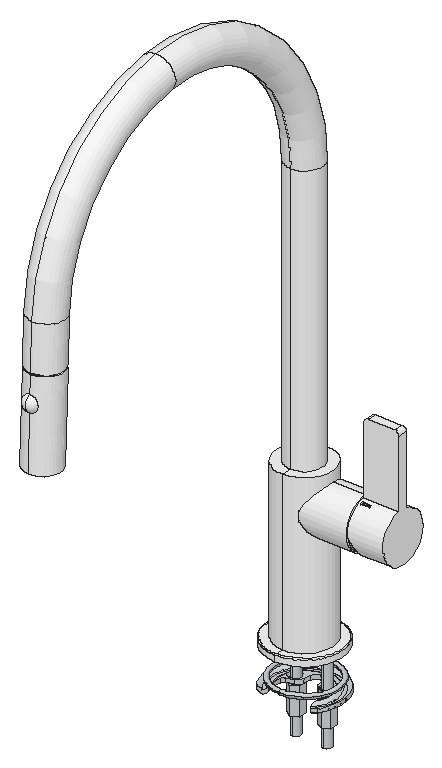
Revit family "Reece_Tap_Nobili_Flag_Sink Mixer_Gooseneck_Pull Out", category Plumbing Fixtures, host Face, Revit 2018
Family settings
  Host = Face
  Round Connector Dimension = Use Diameter
  Part Type = Normal
  Cut with Voids When Loaded = No
  Shared = Yes
  Room Calculation Point = Yes
Parameters
  WFU = 0  # constant formula
  URL = "https://www.reece.com.au/product/-2266856"
  Type Comments = "Tap"
  Reece_Tap_Reach = 224 mm  # constant formula
  Reece_Tap_Inlet = 12 mm  # constant formula
  Reece_Tap_Clearance = 207 mm  # constant formula
  Reece_Product_Web Page = "https://www.reece.com.au/product/-2266856"
  Reece_Product_Type = "Tap"  # constant formula
  Reece_Product_Sub Brand = "Flag"  # constant formula
  Reece_Product_Number = "2266856"
  Reece_Product_Mount = "Hob Mounted"  # constant formula
  Reece_Product_Description = "Nobili Flag Gooseneck Pull Out Sink Mixer Tap Chrome (4 Star) Lead Free"
  Reece_Product_Brand = "Nobili"  # constant formula
  Reece_Overall_Height = 418 mm  # constant formula
  Reece_Material_Tap_Hot = Render_Hot_Water_Cap
  Reece_Material_Tap_Cold = Render_Cold_Water_Cap
  Reece_Material_Main = Reece_Brass_Chrome
  Reece_Material_Colour = Reece_Plastic_Grey
  Reece_Detail_Shape = "Gooseneck"  # constant formula
  Reece_Detail_Installation = ""
  Reece_Detail_Disclaimer = "THIS FILE IS THE PROPERTY OF THE REECE GROUP. IT MAY NOT BE REPRODUCED, REVERSE-ENGINEERED, OR MODIFIED. ANY REPUBLICATION, TRANSMISSION, OR DISTRIBUTION FOR THE PURPOSE OF COMMERCIALLY EXPLOITING THE FILES IS PROHIBITED."  # constant formula
  Reece_Detail_Connector = ""
  Reece_Detail_Additional = "Sink Mixer"  # constant formula
  Model = "Flag"
  Manufacturer = "Nobili"
  Keynote = "Product #2266856, Reece_Tap_Nobili_Flag_Sink Mixer_Gooseneck_Pull Out -  "
  HWFU = 0  # constant formula
  Disclaimer = "THIS FILE IS THE PROPERTY OF THE REECE GROUP. IT MAY NOT BE REPRODUCED, REVERSE-ENGINEERED, OR MODIFIED. ANY REPUBLICATION, TRANSMISSION, OR DISTRIBUTION FOR THE PURPOSE OF COMMERCIALLY EXPLOITING THE FILES IS PROHIBITED."  # constant formula
  Description = "Nobili Flag Gooseneck Pull Out Sink Mixer Tap Chrome (4 Star) Lead Free"
  Default Elevation = 1000 mm
  CWFU = 0  # constant formula
Types (7, lengths in mm): name | URL | Reece_Product_Web Page | Reece_Product_Number | Reece_Product_Description | Reece_Material_Main | Keynote | Description
  (no name) | "https://www.reece.com.au/product/-2266856" | "https://www.reece.com.au/product/-2266856" | "2266856" | "Nobili Flag Gooseneck Pull Out Sink Mixer Tap Chrome (4 Star) Lead Free" | Reece_Brass_Chrome | "Product #2266856, Reece_Tap_Nobili_Flag_Sink Mixer_Gooseneck_Pull Out -  " | "Nobili Flag Gooseneck Pull Out Sink Mixer Tap Chrome (4 Star) Lead Free"
  224 mm_Chrome | "https://www.reece.com.au/product/-2266856" | "https://www.reece.com.au/product/-2266856" | "2266856" | "Nobili Flag Gooseneck Pull Out Sink Mixer Tap Chrome (4 Star) Lead Free" | Reece_Brass_Chrome | "Product #2266856, Reece_Tap_Nobili_Flag_Sink Mixer_Gooseneck_Pull Out - 224 mm_Chrome" | "Nobili Flag Gooseneck Pull Out Sink Mixer Tap Chrome (4 Star) Lead Free"
  224 mm_Matte Black | "https://www.reece.com.au/product/-2266857" | "https://www.reece.com.au/product/-2266857" | "2266857" | "Nobili Flag Gooseneck Pull Out Sink Mixer Tap Matte Black (4 Star) Lead Free" | Reece_Brass_Matte Black | "Product #2266857, Reece_Tap_Nobili_Flag_Sink Mixer_Gooseneck_Pull Out - 224 mm_Matte Black" | "Nobili Flag Gooseneck Pull Out Sink Mixer Tap Matte Black (4 Star) Lead Free"
  224 mm_Stainless Steel 316 | "https://www.reece.com.au/product/-2266858" | "https://www.reece.com.au/product/-2266858" | "2266858" | "Nobili Flag Gooseneck Pull Out Sink Mixer Tap Inox Stainless Steel (4 Star) Lead Free" | Reece_Brass_Brushed_Stainless Steel 316 | "Product #2266858, Reece_Tap_Nobili_Flag_Sink Mixer_Gooseneck_Pull Out - 224 mm_Stainless Steel 316" | "Nobili Flag Gooseneck Pull Out Sink Mixer Tap Inox Stainless Steel (4 Star) Lead Free"
  224 mm_Brushed Gunmetal | "https://www.reece.com.au/product/-2266859" | "https://www.reece.com.au/product/-2266859" | "2266859" | "Nobili Flag Gooseneck Pull Out Sink Mixer Tap Brushed Gunmetal (4 Star) Lead Free" | Reece_Brass_Brushed Gunmetal | "Product #2266859, Reece_Tap_Nobili_Flag_Sink Mixer_Gooseneck_Pull Out - 224 mm_Brushed Gunmetal" | "Nobili Flag Gooseneck Pull Out Sink Mixer Tap Brushed Gunmetal (4 Star) Lead Free"
  224 mm_Brushed Brass | "https://www.reece.com.au/product/-2266860" | "https://www.reece.com.au/product/-2266860" | "2266860" | "Nobili Flag Gooseneck Pull Out Sink Mixer Tap Brushed Brass (4 Star) Lead Free" | Reece_Brass_Brushed | "Product #2266860, Reece_Tap_Nobili_Flag_Sink Mixer_Gooseneck_Pull Out - 224 mm_Brushed Brass" | "Nobili Flag Gooseneck Pull Out Sink Mixer Tap Brushed Brass (4 Star) Lead Free"
  224 mm_Matte White | "https://www.reece.com.au/product/-2266861" | "https://www.reece.com.au/product/-2266861" | "2266861" | "Nobili Flag Gooseneck Pull Out Sink Mixer Tap Matte White (4 Star) Lead Free" | Reece_Metal_Stainless Steel_Matte White | "Product #2266861, Reece_Tap_Nobili_Flag_Sink Mixer_Gooseneck_Pull Out - 224 mm_Matte White" | "Nobili Flag Gooseneck Pull Out Sink Mixer Tap Matte White (4 Star) Lead Free"
Reference planes
  plane 1 "Center (Front/Back)": y = 0
  plane 2 "Bottom": z = 0
  plane 3 "Center (Left/Right)": x = 0
  plane 4: z = 88.5
  plane 5: y = -224
  plane 6: z = 207
  plane 7: through (0, -165.232, 204.948) normal (0, 0.0349, 0.9994)
  plane 8: z = 418
  plane 9: z = 250
Forms (mm)
  Revolve 1, solid, material "Reece_Brass_Chrome" <- "Reece_Material_Main"
    sketch origin (0, 0, 0) x (0, 1, 0) y (0, 0, 1)
      loop
        line (25.25, 0) -> (25.25, 4)
        arc (25.25, 4) -> (25.104, 4.354) -> (24.75, 4.5) r 0.5
        line (24.75, 4.5) -> (19, 4.5) -> (19, 112) -> (0, 112) -> (0, 0) -> (25.25, 0)
      axis (0, 112) -> (0, 0)
    angle from 0 to 360
  Revolve 2, solid, material "Reece_Brass_Chrome" <- "Reece_Material_Main"
    sketch origin (0, 0, 0) x (1, 0, 0) y (0, 0, 1)
      loop
        line (50.5, 88.5) -> (50.5, 99.658)
        arc (50.5, 99.658) -> (46.656, 102.791) -> (42, 104.5) r 15
        line (42, 104.5) -> (42, 105.376) -> (0, 105.376) -> (0, 88.5) -> (50.5, 88.5)
      axis (50.5, 88.5) -> (0, 88.5)
    angle from 0 to 360
  Extrusion 3, solid, material "Reece_Brass_Chrome" <- "Reece_Material_Main"
    sketch origin (42, 0, 0) x (0, 0, -1) y (0, -1, 0)
      loop
        line (-105.233, 3) -> (-154.5, 3) -> (-154.5, -3) -> (-105.233, -3)
        arc (-105.233, -3) -> (-71.5, 0) -> (-105.233, 3) r 17
    from -25 to -1
  Extrusion 4, void
    sketch origin (0, 0, 0) x (1, 0, 0) y (0, 0, 1)
      loop
        arc (43, 151.5) -> (43.879, 153.621) -> (46, 154.5) r 3
        line (46, 154.5) -> (64, 154.5)
        arc (64, 154.5) -> (66.121, 153.621) -> (67, 151.5) r 3
        line (67, 151.5) -> (67, 166.108) -> (43, 166.108) -> (43, 151.5)
    from -5 to 5
  Revolve 5, void
    sketch origin (0, 0, 0) x (1, 0, 0) y (0, 0, 1)
      loop
        line (58.3, 71.675) -> (58.3, 70.875) -> (61.8, 70.875) -> (61.8, 72.717) -> (61, 72.717) -> (61.441, 71.905)
        arc (61.441, 71.905) -> (59.875, 71.733) -> (58.3, 71.675) r 21.568
      axis (58.3, 72.717) -> (58.3, 70.875)
    angle from 0 to 360
  Extrusion 6, void
    sketch origin (0, 0, 0) x (1, 0, 0) y (0, 0, 1)
      loop
        line (42, 90.856) -> (42, 63.827) -> (53.473, 63.827) -> (42, 90.856)
    from -30 to 30
  Revolve 7, solid
    sketch origin (0, 0, -7) x (0, 1, 0) y (0, 0, 1)
      loop
        circle (22.2, -14) r 1.3
      axis (1, -14) -> (1, -13)
    angle from 0 to 360
  Extrusion 8, solid
    sketch origin (0, 2, 0) x (0, 1, 0) y (1, 0, 0)
      loop
        circle (4, 10.75) r 3
      loop
        circle (4, -10.75) r 3
    from 0 to 61.5
  Revolve 9, solid
    sketch origin (0, 0, -7) x (0, 1, 0) y (0, 0, 1)
      loop
        arc (18.75, -21.5) -> (21.75, -23) -> (24.75, -21.5) r 3.75
        line (24.75, -21.5) -> (25.75, -21.5) -> (25.75, -19)
        arc (25.75, -19) -> (24.212, -19.499) -> (22.941, -20.498) r 4.61
        arc (22.941, -20.498) -> (21.841, -21) -> (20.728, -20.527) r 1.5
        arc (20.728, -20.527) -> (19.122, -19.398) -> (17.2, -19) r 4.84
        line (17.2, -19) -> (17.2, -21.5) -> (18.75, -21.5)
      axis (0, -19) -> (0, -21.5)
    angle from 0 to 360
  Extrusion 10, solid
    sketch origin (0, 0, -30) x (1, 0, 0) y (0, 1, 0)
      loop
        arc (-9.053, 2.711) -> (-6.961, 7.197) -> (-11.447, 9.289) r 3.5
        line (-11.447, 9.289) -> (-13.326, 8.605)
        arc (-13.326, 8.605) -> (-15.418, 4.119) -> (-10.932, 2.027) r 3.5
        line (-10.932, 2.027) -> (-9.053, 2.711)
      loop
        arc (-5.01, 5.791) -> (-6.06, 3.288) -> (-8.263, 1.702) r 5
        line (-8.263, 1.702) -> (-13.684, -0.271)
        arc (-13.684, -0.271) -> (-14.638, -1.003) -> (-15, -2.15) r 2
        line (-15, -2.15) -> (-15, -8.417)
        arc (-15, -8.417) -> (0, 17.2) -> (15, -8.417) r 17.2
        line (15, -8.417) -> (15, -2.15)
        arc (15, -2.15) -> (14.638, -1.003) -> (13.684, -0.271) r 2
        line (13.684, -0.271) -> (8.263, 1.702)
        arc (8.263, 1.702) -> (6.06, 3.288) -> (5.01, 5.791) r 5
        line (5.01, 5.791) -> (4.466, 10.221)
        arc (4.466, 10.221) -> (0, 14.173) -> (-4.466, 10.221) r 4.5
        line (-4.466, 10.221) -> (-5.01, 5.791)
      loop
        arc (11.447, 9.289) -> (6.961, 7.197) -> (9.053, 2.711) r 3.5
        line (9.053, 2.711) -> (10.932, 2.027)
        arc (10.932, 2.027) -> (15.418, 4.119) -> (13.326, 8.605) r 3.5
        line (13.326, 8.605) -> (11.447, 9.289)
    from 1.5 to 4
  Extrusion 11, void
    sketch origin (0, 0, -30) x (1, 0, 0) y (0, 1, 0)
      loop
        line (27.556, -34.599) -> (27.556, -14.961) -> (20.958, -14.961)
        arc (20.958, -14.961) -> (17.049, -15.272) -> (15, -11.93) r 3.75
        line (15, -11.93) -> (15, -8.417) -> (-15, -8.417) -> (-15, -11.93)
        arc (-15, -11.93) -> (-17.049, -15.272) -> (-20.958, -14.961) r 3.75
        line (-20.958, -14.961) -> (-27.556, -14.961) -> (-27.556, -34.599) -> (27.556, -34.599)
    from 0 to 5
  Extrusion 12, solid
    sketch origin (0, 0, -7) x (1, 0, 0) y (0, 1, 0)
      loop
        circle (10.75, 6) r 3
      loop
        line (10.75, 11.196) -> (6.25, 8.598) -> (6.25, 3.402) -> (10.75, 0.804) -> (15.25, 3.402) -> (15.25, 8.598) -> (10.75, 11.196)
      loop
        circle (-10.75, 6) r 3
      loop
        line (-10.75, 11.196) -> (-15.25, 8.598) -> (-15.25, 3.402) -> (-10.75, 0.804) -> (-6.25, 3.402) -> (-6.25, 8.598) -> (-10.75, 11.196)
    from -41.5 to -23
  Extrusion 13, void
    sketch origin (0, 0, 0) x (1, 0, 0) y (0, 1, 0)
      loop
        line (44.193, -5.719) -> (44.193, -6.969) -> (50, -6.969) -> (50, -5.719) -> (44.193, -5.719)
      loop
        line (44.193, 5.719) -> (50, 5.719) -> (50, 6.969) -> (44.193, 6.969) -> (44.193, 5.719)
    from 103.636 to 107.061
  Extrusion 14, solid, material "Render_Cold_Water_Cap" <- "Reece_Material_Tap_Cold"
    sketch origin (0, 0, 103.636) x (1, 0, 0) y (0, 1, 0)
      loop
        line (44.193, -6.969) -> (50, -6.969) -> (50, -5.719) -> (44.193, -5.719) -> (44.193, -6.969)
    from 0 to 1.299
  Extrusion 15, solid, material "Render_Hot_Water_Cap" <- "Reece_Material_Tap_Hot"
    sketch origin (0, 0, 103.636) x (1, 0, 0) y (0, 1, 0)
      loop
        line (44.193, 6.969) -> (44.193, 5.719) -> (50, 5.719) -> (50, 6.969) -> (44.193, 6.969)
    from 0 to 1.299
  Extrusion 16, void
    sketch origin (42, 0, 88.5) x (0, 1, 0) y (0, 0, 1)
      loop
        arc (-8.284, 14.845) -> (-6.518, 15.701) -> (-4.666, 16.347) r 17
        line (-4.666, 16.347) -> (-4.666, 21.416) -> (-11.173, 21.416) -> (-11.173, 14.845) -> (-8.284, 14.845)
      loop
        line (11.173, 21.416) -> (4.666, 21.416) -> (4.666, 16.347)
        arc (4.666, 16.347) -> (6.518, 15.701) -> (8.284, 14.845) r 17
        line (8.284, 14.845) -> (11.173, 14.845) -> (11.173, 21.416)
    from 0 to 25
  Revolve 17, void
    sketch origin (0, 0, 0) x (0, 1, 0) y (0, 0, 1)
      loop
        line (0, 0) -> (0, -65) -> (15, -65) -> (15, 0) -> (0, 0)
      axis (0, 0) -> (0, -65)
    angle from 0 to 360
  Extrusion 18, void
    sketch origin (0, 2, 0) x (0, 1, 0) y (-1, 0, 0)
      loop
        circle (4, 10.75) r 5
      loop
        circle (4, -10.75) r 5
    from 0 to 4.5
  Sweep 19, solid, material "Reece_Brass_Chrome" <- "Reece_Material_Main"
    path origin (0, 0, 0) x (0, 1, 0) y (0, 0, 1)
      loop
        line (-221.874, 267.872) -> (-220.791, 298.884)
        arc (-220.791, 298.884) -> (-192.418, 369.206) -> (-125.514, 404.9) r 111
        arc (-125.514, 404.9) -> (-37.912, 379.086) -> (0, 296) r 110
        line (0, 296) -> (0, 112)
    profile origin (0, -221.333, 283.378) x (0, -0.999391, 0.034899) y (1, 0, 0)
      loop
        circle (0, 0) r 12
  Revolve 20, solid, material "Reece_Brass_Chrome" <- "Reece_Material_Main"
    sketch origin (0, 0, 0) x (0, 1, 0) y (0, 0, 1)
      loop
        line (-224, 207) -> (-221.874, 267.872) -> (-232.692, 268.25) -> (-232.727, 267.251) -> (-233.902, 267.292) -> (-235.993, 207.419) -> (-224, 207)
      axis (-224, 207) -> (-221.874, 267.872)
    angle from 0 to 360
  Revolve 21, void
    sketch origin (0, 0, 0) x (0, 1, 0) y (0, 0, 1)
      loop
        line (-212.007, 206.581) -> (-213.007, 206.616) -> (-212.977, 207.459) -> (-223.971, 207.843) -> (-224.034, 206.018) -> (-212.042, 205.599) -> (-212.007, 206.581)
      axis (-224.034, 206.018) -> (-223.971, 207.843)
    angle from 0 to 360
  Revolve 22, solid, material "Reece_Brass_Chrome" <- "Reece_Material_Main"
    sketch origin (0, 0, 0) x (0, 1, 0) y (0, 0, 1)
      loop
        line (-238.435, 250.137) -> (-232.613, 249.934) -> (-232.578, 250.933) -> (-234.903, 251.014) -> (-234.752, 255.312)
        arc (-234.752, 255.312) -> (-237.371, 253.278) -> (-238.435, 250.137) r 5.763
      axis (-238.435, 250.137) -> (-232.613, 249.934)
    angle from 0 to 360
  Revolve 23, void
    sketch origin (0, 0, -3.776) x (0, 1, 0) y (0, 0, 1)
      loop
        line (14.123, 123.626) -> (14.123, 125.176) -> (11.295, 125.176) -> (11.295, 123.626) -> (14.123, 123.626)
      axis (11.295, 123.626) -> (14.123, 123.626)
    angle from 0 to 360
Cuts and joins
  Extrusion 18 cuts Revolve 1
  Extrusion 4, Revolve 5, Extrusion 6, Extrusion 13 cuts Extrusion 3
  Revolve 23 cuts Sweep 19
  Revolve 21 cuts Revolve 20
  joined: Revolve 1, Revolve 2, Extrusion 3, Sweep 19, Revolve 20, Revolve 22
  Extrusion 11 cuts Revolve 9
  Extrusion 16 cuts Extrusion 14
  Extrusion 16 cuts Extrusion 15
Text (mm)
  text "Reece ©" at (-290.48, -23.045, 0), in view "Ref. Level"
  text "Reece ©" at (44.384, 258.95, 192.345), in view "Reece Preview"
Dimensions and locks
  "Reece_Tap_Reach": plane 1 "Center (Front/Back)" to plane 5
  "Reece_Tap_Clearance": plane 6 to plane 2 "Bottom"
  "Reece_Overall_Height": plane 8 to level
  aligned and locked: plane 2 "Bottom" to host face
  aligned and locked: level to host face
Automatic sketch dimensions
  host sketch curve to host sketch curve = 380.785 mm
  host sketch curve to host sketch curve = 317.421 mm
  Revolve 1 sketch curve to plane 1 "Center (Front/Back)" = 0 mm  (x2)
  Revolve 1 sketch curve to level = 0 mm
  Revolve 1 sketch curve to Revolve 1 sketch curve = 19 mm
  Revolve 1 sketch curve to Revolve 1 sketch curve = 5.75 mm
  Revolve 1 sketch curve to Revolve 1 sketch curve = 0.5 mm
  Revolve 1 sketch curve to Revolve 1 sketch curve = 4 mm
  plane 4 to Revolve 1 sketch curve = 23.5 mm
  Revolve 1 sketch curve to level = 27.372 mm
  Revolve 1 sketch curve to Revolve 1 sketch curve = 27.19 mm
  Revolve 2 sketch curve to plane 3 "Center (Left/Right)" = 0 mm
  Revolve 2 sketch curve to plane 4 = 0 mm  (x2)
  plane 4 to Revolve 2 sketch curve = 1.258 mm
  plane 3 "Center (Left/Right)" to Revolve 2 sketch curve = 39.231 mm
  Revolve 2 sketch curve to Revolve 2 sketch curve = 2.769 mm
  Revolve 2 sketch curve to Revolve 2 sketch curve = 11.269 mm
  Revolve 2 sketch curve to Revolve 2 sketch curve = 11.158 mm
  Revolve 2 sketch curve to Revolve 2 sketch curve = 0.876 mm
  Revolve 2 sketch curve to Revolve 2 sketch curve = 11.5 mm
  Revolve 2 sketch curve to Revolve 2 sketch curve = 23.866 mm
  Extrusion 3 sketch curve to plane 1 "Center (Front/Back)" = 0 mm
  Extrusion 3 sketch curve to plane 4 = 0 mm
  Extrusion 3 sketch curve to plane 1 "Center (Front/Back)" = 3 mm
  plane 4 to Extrusion 3 sketch curve = 16.733 mm
  plane 1 "Center (Front/Back)" to Extrusion 3 sketch curve = 3 mm
  Extrusion 3 sketch curve to Extrusion 3 sketch curve = 49.267 mm
  plane 3 "Center (Left/Right)" to Extrusion 4 sketch curve = 43 mm
  Extrusion 4 sketch curve to Extrusion 4 sketch curve = 3 mm  (x2)
  Extrusion 4 sketch curve to Extrusion 4 sketch curve = 18 mm
  Extrusion 4 sketch curve to plane 6 = 55.5 mm
  Extrusion 4 sketch curve to Extrusion 4 sketch curve = 11.608 mm
  Revolve 5 sketch curve to plane 4 = 16.825 mm
  plane 3 "Center (Left/Right)" to Revolve 5 sketch curve = 58.3 mm
  Revolve 5 sketch curve to plane 4 = 15.783 mm
  Revolve 5 sketch curve to Revolve 5 sketch curve = 2.7 mm
  Revolve 5 sketch curve to plane 4 = 16.595 mm
  Revolve 5 sketch curve to Revolve 5 sketch curve = 0.441 mm
  Revolve 5 sketch curve to Revolve 5 sketch curve = 0.8 mm
  Revolve 5 sketch curve to Revolve 5 sketch curve = 1.03 mm
  Revolve 5 sketch curve to Revolve 5 sketch curve = 0 mm
  Revolve 5 sketch curve to Revolve 5 sketch curve = 9.375 mm
  Revolve 5 sketch curve to plane 4 = 0.133 mm
  plane 3 "Center (Left/Right)" to Extrusion 6 sketch curve = 42 mm
  Extrusion 6 sketch curve to Extrusion 6 sketch curve = 11.473 mm
  Extrusion 6 sketch curve to plane 4 = 24.673 mm
  plane 4 to Extrusion 6 sketch curve = 2.356 mm
  Revolve 7 sketch curve to plane 1 "Center (Front/Back)" = 22.2 mm
  Revolve 7 sketch curve to level = 21 mm  (x2)
  Revolve 7 sketch curve to plane 1 "Center (Front/Back)" = 1 mm
  Revolve 7 sketch curve to Revolve 7 sketch curve = 4.102 mm
  Extrusion 8 sketch curve to plane 1 "Center (Front/Back)" = 6 mm  (x2)
  plane 3 "Center (Left/Right)" to Extrusion 8 sketch curve = 10.75 mm
  Extrusion 8 sketch curve to plane 3 "Center (Left/Right)" = 10.75 mm
  Revolve 9 sketch curve to plane 1 "Center (Front/Back)" = 0 mm
  Revolve 9 sketch curve to plane 1 "Center (Front/Back)" = 17.2 mm
  Revolve 9 sketch curve to Revolve 9 sketch curve = 1.55 mm
  Revolve 9 sketch curve to Revolve 9 sketch curve = 3 mm
  Revolve 9 sketch curve to Revolve 9 sketch curve = 0.072 mm
  Revolve 9 sketch curve to Revolve 9 sketch curve = 2.928 mm
  Revolve 9 sketch curve to Revolve 9 sketch curve = 1 mm
  Revolve 9 sketch curve to Revolve 9 sketch curve = 0.632 mm
  Revolve 9 sketch curve to level = 30.84 mm
  Revolve 9 sketch curve to Revolve 9 sketch curve = 0.274 mm
  Revolve 9 sketch curve to Revolve 9 sketch curve = 2.34 mm
  Revolve 9 sketch curve to Revolve 9 sketch curve = 2 mm
  Revolve 9 sketch curve to Revolve 9 sketch curve = 0.25 mm
  Revolve 9 sketch curve to Revolve 9 sketch curve = 2.5 mm  (x2)
  Revolve 9 sketch curve to Revolve 9 sketch curve = 0 mm
  Revolve 9 sketch curve to Revolve 9 sketch curve = 316.97 mm
  plane 8 to Revolve 9 sketch curve = 418.832 mm
  plane 1 "Center (Front/Back)" to Extrusion 10 sketch curve = 0 mm
  Extrusion 10 sketch curve to plane 3 "Center (Left/Right)" = 0 mm  (x2)
  Extrusion 10 sketch curve to plane 3 "Center (Left/Right)" = 4.466 mm
  Extrusion 10 sketch curve to Extrusion 10 sketch curve = 0.544 mm  (x2)
  Extrusion 10 sketch curve to plane 1 "Center (Front/Back)" = 1.702 mm  (x2)
  Extrusion 10 sketch curve to Extrusion 10 sketch curve = 3.253 mm  (x2)
  Extrusion 10 sketch curve to plane 1 "Center (Front/Back)" = 2.711 mm
  Extrusion 10 sketch curve to Extrusion 10 sketch curve = 0.79 mm  (x2)
  Extrusion 10 sketch curve to Extrusion 10 sketch curve = 0.92 mm  (x2)
  Extrusion 10 sketch curve to Extrusion 10 sketch curve = 0.277 mm  (x2)
  Extrusion 10 sketch curve to plane 1 "Center (Front/Back)" = 2.027 mm  (x2)
  Extrusion 10 sketch curve to Extrusion 10 sketch curve = 1.879 mm  (x6)
  Extrusion 10 sketch curve to Extrusion 10 sketch curve = 1.474 mm  (x2)
  Extrusion 10 sketch curve to Extrusion 10 sketch curve = 2.068 mm  (x2)
  Extrusion 10 sketch curve to plane 1 "Center (Front/Back)" = 8.605 mm
  plane 1 "Center (Front/Back)" to Extrusion 10 sketch curve = 0.271 mm  (x2)
  Extrusion 10 sketch curve to Extrusion 10 sketch curve = 0.684 mm  (x2)
  Extrusion 10 sketch curve to Extrusion 10 sketch curve = 2 mm
  plane 3 "Center (Left/Right)" to Extrusion 10 sketch curve = 4.466 mm
  plane 1 "Center (Front/Back)" to Extrusion 10 sketch curve = 2.15 mm
  Extrusion 10 sketch curve to Extrusion 10 sketch curve = 6.266 mm
  Extrusion 10 sketch curve to Extrusion 10 sketch curve = 1.009 mm
  Extrusion 10 sketch curve to Extrusion 10 sketch curve = 3.289 mm
  Extrusion 10 sketch curve to Extrusion 10 sketch curve = 3.08 mm  (x2)
  Extrusion 10 sketch curve to Extrusion 10 sketch curve = 0.401 mm  (x2)
  Extrusion 10 sketch curve to Extrusion 10 sketch curve = 3.882 mm
  Extrusion 10 sketch curve to Extrusion 10 sketch curve = 4.43 mm
  Extrusion 11 sketch curve to plane 3 "Center (Left/Right)" = 27.556 mm
  Extrusion 11 sketch curve to Extrusion 11 sketch curve = 6.599 mm  (x2)
  Extrusion 11 sketch curve to Extrusion 11 sketch curve = 2.208 mm  (x2)
  Extrusion 11 sketch curve to Extrusion 11 sketch curve = 3.75 mm  (x2)
  plane 3 "Center (Left/Right)" to Extrusion 11 sketch curve = 15 mm
  plane 1 "Center (Front/Back)" to Extrusion 11 sketch curve = 34.599 mm
  plane 1 "Center (Front/Back)" to Extrusion 11 sketch curve = 14.961 mm  (x2)
  Extrusion 11 sketch curve to Extrusion 11 sketch curve = 3.514 mm
  Extrusion 12 sketch curve to plane 3 "Center (Left/Right)" = 15.25 mm
  Extrusion 12 sketch curve to plane 1 "Center (Front/Back)" = 0.804 mm  (x2)
  Extrusion 12 sketch curve to Extrusion 12 sketch curve = 4.5 mm  (x6)
  Extrusion 12 sketch curve to Extrusion 12 sketch curve = 0 mm  (x2)
  plane 3 "Center (Left/Right)" to Extrusion 12 sketch curve = 6.25 mm
  Extrusion 12 sketch curve to plane 1 "Center (Front/Back)" = 3.402 mm  (x4)
  Extrusion 12 sketch curve to Extrusion 12 sketch curve = 5.196 mm  (x7)
  Extrusion 12 sketch curve to Extrusion 12 sketch curve = 2.598 mm
  plane 1 "Center (Front/Back)" to Extrusion 13 sketch curve = 5.719 mm
  plane 3 "Center (Left/Right)" to Extrusion 13 sketch curve = 44.193 mm
  Extrusion 13 sketch curve to Extrusion 13 sketch curve = 0 mm
  Extrusion 13 sketch curve to Extrusion 13 sketch curve = 5.807 mm  (x2)
  Extrusion 13 sketch curve to Extrusion 13 sketch curve = 1.25 mm  (x2)
  Extrusion 13 sketch curve to plane 1 "Center (Front/Back)" = 5.719 mm
  Extrusion 14 sketch curve to Extrusion 13 = 0 mm  (x3)
  Extrusion 13 to Extrusion 14 sketch curve = 0 mm
  Extrusion 15 sketch curve to Extrusion 13 = 0 mm  (x4)
  Extrusion 16 sketch curve to Extrusion 16 sketch curve = 0 mm  (x2)
  Extrusion 16 sketch curve to plane 1 "Center (Front/Back)" = 0 mm
  Extrusion 16 sketch curve to plane 4 = 0 mm
  plane 1 "Center (Front/Back)" to Extrusion 16 sketch curve = 4.666 mm
  Extrusion 16 sketch curve to Extrusion 16 sketch curve = 3.618 mm  (x2)
  Extrusion 16 sketch curve to Extrusion 16 sketch curve = 6.507 mm  (x2)
  Extrusion 16 sketch curve to plane 1 "Center (Front/Back)" = 4.666 mm
  plane 4 to Extrusion 16 sketch curve = 14.845 mm  (x2)
  Extrusion 16 sketch curve to Extrusion 16 sketch curve = 6.571 mm
  Extrusion 16 sketch curve to Extrusion 16 sketch curve = 5.069 mm
  Revolve 17 sketch curve to plane 1 "Center (Front/Back)" = 0 mm  (x2)
  Revolve 17 sketch curve to level = 0 mm
  Revolve 17 sketch curve to Revolve 17 sketch curve = 15 mm
  Revolve 17 sketch curve to level = 65 mm
  Revolve 17 sketch curve to Revolve 17 sketch curve = 16.054 mm
  Revolve 17 sketch curve to plane 4 = 12.446 mm
  Sweep 19 sketch curve to plane 1 "Center (Front/Back)" = 0 mm
  plane 1 "Center (Front/Back)" to Sweep 19 sketch curve = 109.859 mm
  Sweep 19 sketch curve to Sweep 19 sketch curve = 0.141 mm
  Sweep 19 sketch curve to plane 5 = 3.209 mm
  Sweep 19 sketch curve to plane 5 = 2.126 mm
  plane 6 to Sweep 19 sketch curve = 60.872 mm
  plane 6 to Sweep 19 sketch curve = 88.01 mm
  Sweep 19 sketch curve to Sweep 19 sketch curve = 0.99 mm
  Sweep 19 sketch curve to Sweep 19 sketch curve = 31.011 mm
  plane 4 to Sweep 19 sketch curve = 23.5 mm
  Sweep 19 sketch curve to plane 3 "Center (Left/Right)" = 0 mm
  Sweep 19 sketch curve to profile plane = 0 mm
  Revolve 20 sketch curve to plane 7 = 0 mm
  Revolve 20 sketch curve to plane 5 = 0 mm
  Revolve 20 sketch curve to plane 6 = 0 mm
  plane 5 to Revolve 20 sketch curve = 8.692 mm
  Revolve 20 sketch curve to Revolve 20 sketch curve = 0.035 mm
  Revolve 20 sketch curve to Revolve 20 sketch curve = 1.175 mm
  level to Revolve 20 sketch curve = 207.419 mm
  Revolve 20 sketch curve to Revolve 20 sketch curve = 0 mm  (x2)
  Revolve 20 sketch curve to plane 5 = 2.359 mm
  Revolve 20 sketch curve to Revolve 20 sketch curve = 6.694 mm
  Revolve 21 sketch curve to plane 5 = 0 mm
  Revolve 21 sketch curve to plane 7 = 0 mm  (x2)
  Revolve 21 sketch curve to plane 6 = 0 mm
  plane 5 to Revolve 21 sketch curve = 0.034 mm
  Revolve 21 sketch curve to plane 5 = 0.029 mm
  Revolve 21 sketch curve to plane 6 = 0.384 mm
  Revolve 21 sketch curve to plane 5 = 0.523 mm
  Revolve 21 sketch curve to Revolve 21 sketch curve = 14.148 mm
  Revolve 22 sketch curve to plane 9 = 0 mm
  plane 9 to Revolve 22 sketch curve = 1.014 mm
  Revolve 22 sketch curve to plane 9 = 0.064 mm
  Revolve 22 sketch curve to Revolve 22 sketch curve = 1.83 mm
  Revolve 22 sketch curve to plane 9 = 0.066 mm
  Revolve 22 sketch curve to plane 9 = 0.936 mm
  Revolve 22 sketch curve to plane 5 = 16.309 mm
  plane 9 to Revolve 22 sketch curve = 0.933 mm
  plane 9 to Revolve 22 sketch curve = 0.137 mm
  Revolve 22 sketch curve to Revolve 22 sketch curve = 0.098 mm
  Revolve 22 sketch curve to Revolve 22 sketch curve = 0.15 mm
  plane 5 to Revolve 22 sketch curve = 8.578 mm
  Revolve 23 sketch curve to plane 1 "Center (Front/Back)" = 11.295 mm
  Revolve 23 sketch curve to Revolve 23 sketch curve = 2.828 mm
  plane 4 to Revolve 23 sketch curve = 32.9 mm
  Revolve 23 sketch curve to Revolve 23 sketch curve = 0.811 mm
  Revolve 23 sketch curve to Revolve 23 sketch curve = 6.361 mm
  Revolve 23 sketch curve to Revolve 23 sketch curve = 1.55 mm
  Revolve 23 sketch curve to Revolve 23 sketch curve = 0 mm
  Revolve 21 sketch curve to Revolve 21 sketch curve = 0.965 mm
  plane 6 to Revolve 21 sketch curve = 0.459 mm
  radius of Revolve 7 sketch curve = 1.3 mm
  radius of Extrusion 8 sketch curve = 3 mm  (x2)
  radius of Extrusion 12 sketch curve = 3 mm  (x2)
  radius of Extrusion 8 to Extrusion 18 sketch curve = 2 mm  (x2)
  radius of Sweep 19 sketch curve = 12 mm
Connectors
  piping at (-10.75, 6, 0), diameter 12, driven by "Reece_Tap_Inlet"
    settings: on Extrusion 8, index 1, connector inside diameter 609.6 mm, connector length 0 mm, flow factor 0, pipe flow 0.0 L/s, pressure drop 0.0 Pa, fitting loss kfactor 0, connector angle 0.00°, fixture units 0, engagement length 0 mm, angle of deflection 0.00°, flow configuration 0, flow direction 1, fitting loss method 0, system type 29, joint type 0, gender type 0, connector reference index -1, connector utility 0, adjustable connector no, is connector primary yes, connector description ""
  piping at (10.75, 6, 0), diameter 12, driven by "Reece_Tap_Inlet"
    settings: on Extrusion 8, index 2, connector inside diameter 609.6 mm, connector length 0 mm, flow factor 0, pipe flow 0.0 L/s, pressure drop 0.0 Pa, fitting loss kfactor 0, connector angle 0.00°, fixture units 0, engagement length 0 mm, angle of deflection 0.00°, flow configuration 0, flow direction 1, fitting loss method 0, system type 29, joint type 0, gender type 0, connector reference index -1, connector utility 0, adjustable connector no, is connector primary no, connector description ""
